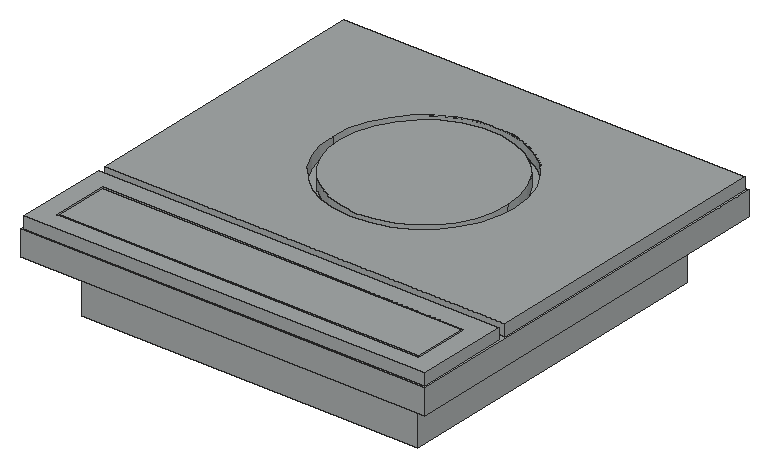
Revit family "Gira_5567000", category Electrical Fixtures, host Face, Revit 2017
Family settings
  Host = Face
  Maintain Annotation Orientation = Yes
  Round Connector Dimension = Use Diameter
  Part Type = Normal
  Cut with Voids When Loaded = No
  Shared = No
  Room Calculation Point = No
Parameters (values of type "Anzeigemodul (DIN 18040) System 106 G Schwarz")
  URL = "http://katalog.gira.de/de_DE/datenblatt.html?artikelnr=5567000"
  Region = "DE"
  Name = "Anzeigemodul (DIN 18040) System 106 G Schwarz"
  Model = "Sys106_Abdeckung_Schalten und Tasten"
  Manufacturer URL = "https://www.gira.de/"
  Installationstechnik = "Bus-System"
  Höhe = "0,1065 m"
  HeinzeBIM = "https://bimportal.heinze.de/bim/anzeigemodul-din-18040-system-106-g-schwarz/620ab6d271fb1fd53e7920f97cbd0e51df95ec99"
  HAN = "5567000"
  GTIN = "4010337022879"
  Farbe = "schwarz"
  Edelstahl [instance] = Edelstahl
  Default Elevation = 1219.2 mm
  Data sheet (1) = "https://katalog.gira.de/de_DE/download.html?artikelnr=5567000"
  Category = "Funktionsmodul für Türkommunikation"
  Breite = "0,1065 m"
  Available = "Yes"
  Anzahl der Klingeltasten = "0 "
Reference planes
  plane 1 "Center (Front/Back)": y = 0
  plane 2 "Reference Level 0": z = 0
  plane 3 "Center (Left/Right)": x = 0
  plane 4 "Reference Level 1": z = 9.5
Forms (mm)
  Extrusion 1, solid, material "Edelstahl" <- "Edelstahl", detail levels coarse
    sketch origin (0, 0, 0) x (1, 0, 0) y (0, 1, 0)
      loop
        line (-53, 53) -> (-53, -53) -> (53, -53) -> (53, 53) -> (-53, 53)
    from -14.7 to 9.5
  Extrusion 2, solid, material "Edelstahl" <- "Edelstahl", detail levels fine
    sketch origin (0, 0, 0) x (1, 0, 0) y (0, 1, 0)
      loop
        line (52.5, -28) -> (-52.5, -28) -> (-52.5, -52.5) -> (52.5, -52.5) -> (52.5, -28)
      loop
        line (-47.5, -48) -> (47.5, -48) -> (47.5, -33) -> (-47.5, -33) -> (-47.5, -48)
    from 6.5 to 9.5
  Extrusion 3, solid, material "Edelstahl" <- "Edelstahl", detail levels fine
    sketch origin (0, 0, 0) x (1, 0, 0) y (0, 1, 0)
      loop
        line (-52.5, 52.5) -> (-52.5, -26) -> (52.5, -26) -> (52.5, 52.5) -> (-52.5, 52.5)
      loop
        circle (0, 13) r 24
    from 6.5 to 9.5
  Extrusion 4, solid, material "Edelstahl" <- "Edelstahl", detail levels medium+fine
    sketch origin (0, 0, 0) x (1, 0, 0) y (0, 1, 0)
      loop
        line (-53, 53) -> (-53, -53) -> (53, -53) -> (53, 53) -> (-53, 53)
    from 0 to 6.5
  Extrusion 5, solid, material "Edelstahl" <- "Edelstahl", detail levels fine
    sketch origin (0, 0, 0) x (1, 0, 0) y (0, 1, 0)
      loop
        line (-44, 44) -> (-44, -44) -> (44, -44) -> (44, 44) -> (-44, 44)
    from -14.7 to 0
  Extrusion 6, solid, material "Edelstahl" <- "Edelstahl", detail levels fine
    sketch origin (0, 0, 0) x (1, 0, 0) y (0, 1, 0)
      loop
        circle (0, 13) r 22
    from 6.5 to 9.5
  Extrusion 7, solid, material "Edelstahl" <- "Edelstahl", detail levels fine
    sketch origin (0, 0, 0) x (1, 0, 0) y (0, 1, 0)
      loop
        line (-47, -33.5) -> (-47, -47.5) -> (47, -47.5) -> (47, -33.5) -> (-47, -33.5)
    from 6.5 to 9.5
  Extrusion 8, solid, material "Edelstahl" <- "Edelstahl", detail levels medium
    sketch origin (0, 0, 0) x (1, 0, 0) y (0, 1, 0)
      loop
        line (-52.5, 52.5) -> (-52.5, -26) -> (52.5, -26) -> (52.5, 52.5) -> (-52.5, 52.5)
      loop
        line (-52.5, -28) -> (-52.5, -52.5) -> (52.5, -52.5) -> (52.5, -28) -> (-52.5, -28)
    from 6.5 to 9.5
  Extrusion 9, solid, material "Edelstahl" <- "Edelstahl", detail levels medium
    sketch origin (0, 0, 0) x (1, 0, 0) y (0, 1, 0)
      loop
        circle (0, 13) r 24
      loop
        line (-47.5, -33) -> (-47.5, -48) -> (47.5, -48) -> (47.5, -33) -> (-47.5, -33)
    from 6.5 to 9.5
Dimensions and locks
  aligned and locked: plane 2 "Reference Level 0" to host face
  aligned and locked: level to host face
  aligned and locked: Extrusion 4 to host face
  aligned and locked: Extrusion 4 to level
  aligned and locked: level to Extrusion 5
  aligned and locked: level to Extrusion 4
  aligned and locked: Extrusion 4 to plane 2 "Reference Level 0"
  aligned and locked: plane 2 "Reference Level 0" to Extrusion 5
  aligned and locked: plane 3 "Center (Left/Right)" to nested 1
  aligned and locked: plane 1 "Center (Front/Back)" to nested 1
Nested families
  nested 1: "Schalter" at (0, 0, 0), type "Schalter"
Connectors
  electrical at (0, 0, -14.7)
    settings: on Extrusion 5, index 1, voltage 220 V, apparent load 0 VA, apparent load phase1 0 VA, apparent load phase2 0 VA, apparent load phase3 0 VA, power factor 1, load classification "Other", number of poles 1, system type 30, power factor state 1, is connector primary yes, connector utility no, sub classification motor no, connector description ""
Definition of nested family "Schalter"
  Reference planes
    plane 1: y = 0
    plane 2: x = 0
  Lines and regions (mm)
    detail lines
      curve 1: circle (1.375, 2.778, 0) r 0.8 normal (0, 0, 1)
      curve 2: line (1.021, 2.061, 0) -> (0, 0, 0)
      curve 3: line (0, 0, 0) -> (-0.538, 0.266, 0)
  Dimensions and locks
    curve 2 to curve 2 = 2.3 mm
    curve 3 to curve 2 = 0.6 mm
    radius of curve 1 = 0.8 mm
